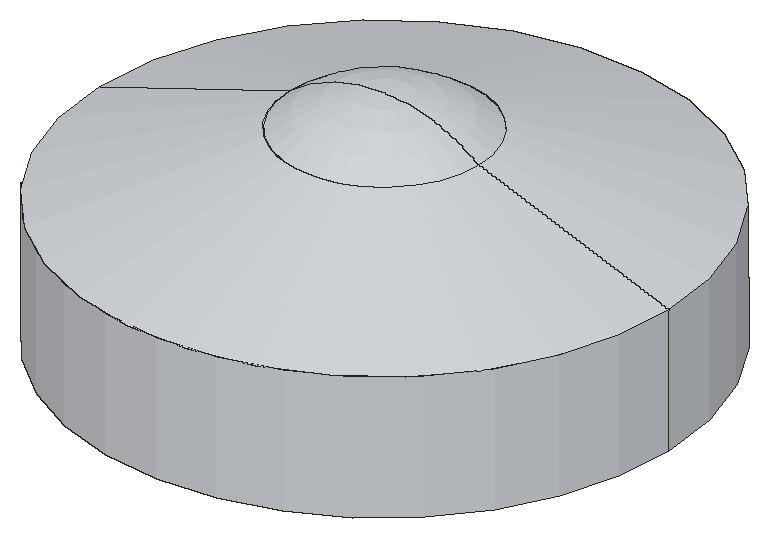
Revit family "0be69ab7681243fb88da20a7a38cfd77", category Lighting Devices, host Face, Revit 2021
Family settings
  Host = Face
  Maintain Annotation Orientation = Yes
  Round Connector Dimension = Use Diameter
  Part Type = Switch
  OmniClass Number = 23.85.80.11.27
  OmniClass Title = Lighting Controls
  Seek Item ID = Ceiling Daylighting Sensor - Regular Voltage-0000-USA-ENU
  Cut with Voids When Loaded = No
  Shared = No
  Room Calculation Point = No
Parameters (values of type "120 V")
  Sensor Voltage = 120 V
  Sensor Number of Poles = 1
  Load Classification = Other
  Lens Material = none
  Height 1 = Cover Height / 3  # 0' - 0 1/2"
  Default Elevation = 4' - 0"
  Cover Radius = Cover Diameter / 2  # 0' - 2 1/4"
  Cover Material = none
  Cover Height = 0' - 1 1/2"
  Cover Diameter = 0' - 4 1/2"
  Apparent Load = 0 VA
Types (3): name | Sensor Voltage
  (no name) | 120 V
  120 V | 120 V
  277 V | 277 V
Reference planes (in)
  plane 1 "Center (Front/Back)": y = 0
  plane 2: z = 0
  plane 3 "Center (Left/Right)": x = 0
  plane 4: z = 1.5
  plane 5: z = 1
  plane 6: x = -0.75
  plane 7: x = -2.25
  plane 8: z = 1.75
  plane 9: y = 2.25
  plane 10: y = -2.25
  plane 11: x = 2.25
Forms (in)
  Revolve 1, solid, material <- "Cover Material"
    sketch origin (0, 0, 0) x (1, 0, 0) y (0, 0, 1)
      loop
        line (-0.75, 1.5) -> (-2.25, 1) -> (-2.25, 0) -> (0, 0) -> (0, 1.5) -> (-0.75, 1.5)
      axis (0, 1.5) -> (0, 0)
    angle from 0 to 360
  Revolve 2, solid, material <- "Lens Material"
    sketch origin (0, 0, 0) x (1, 0, 0) y (0, 0, 1)
      loop
        line (-0.75, 1.5) -> (0, 1.5) -> (0, 1.75)
        arc (0, 1.75) -> (-0.39528, 1.68585) -> (-0.75, 1.5) r 1.25
      axis (0, 1.75) -> (0, 1.5)
    angle from 0 to 360
Lines and regions (in)
  symbolic lines, detail levels coarse+medium
    curve 1: line (0, 2.25, 0) -> (-2.25, 0, 0)
    curve 2: line (-2.25, 0, 0) -> (0, -2.25, 0)
    curve 3: line (0, -2.25, 0) -> (2.25, 0, 0)
    curve 4: line (2.25, 0, 0) -> (0, 2.25, 0)
  symbolic lines, detail levels fine
    curve 5: circle (0, 0, 0) r 2.25 normal (0, 0, 1)
    curve 6: circle (0, 0, 0) r 0.75 normal (0, 0, 1)
Dimensions and locks (in)
  "Cover Height": plane 4 to plane 2
  "Height 1": plane 4 to plane 5
  locked: plane 3 "Center (Left/Right)" to plane 6 at 0.75
  "Cover Radius": plane 3 "Center (Left/Right)" to plane 7
  locked: plane 8 to plane 4 at 0.25
  "Cover Radius": plane 9 to plane 1 "Center (Front/Back)"
  "Cover Radius": plane 10 to plane 1 "Center (Front/Back)"
  "Cover Radius": plane 3 "Center (Left/Right)" to plane 11
  "Cover Radius": radius of curve 5
  radius of curve 6 = 0' - 0 3/4"
  aligned and locked: plane 2 to host face
  aligned and locked: level to host face
  aligned and locked: plane 1 "Center (Front/Back)" to nested 1
  aligned and locked: plane 3 "Center (Left/Right)" to nested 1
  aligned and locked: plane 6 to Revolve 1 sketch curve
  aligned and locked: plane 3 "Center (Left/Right)" to Revolve 1 sketch curve  (x2)
  aligned and locked: Revolve 1 sketch curve to plane 4
  aligned and locked: plane 7 to Revolve 1 sketch curve
  aligned and locked: Revolve 1 sketch curve to plane 2
  aligned and locked: plane 5 to Revolve 1 sketch curve
  aligned and locked: Revolve 1 sketch curve to plane 7
  aligned and locked: Revolve 1 sketch curve to plane 3 "Center (Left/Right)"
  aligned and locked: plane 4 to Revolve 1 sketch curve
  aligned and locked: plane 2 to Revolve 1 sketch curve
  aligned and locked: plane 8 to Revolve 2 sketch curve
  aligned and locked: plane 4 to Revolve 2 sketch curve
  aligned and locked: Revolve 2 sketch curve to plane 3 "Center (Left/Right)"  (x2)
  aligned and locked: plane 6 to Revolve 2 sketch curve
  aligned and locked: plane 3 "Center (Left/Right)" to Revolve 2 sketch curve
  aligned and locked: Revolve 2 sketch curve to plane 4
  aligned and locked: plane 3 "Center (Left/Right)" to curve 1
  aligned and locked: plane 1 "Center (Front/Back)" to curve 2
  aligned and locked: plane 3 "Center (Left/Right)" to curve 3
  aligned and locked: plane 1 "Center (Front/Back)" to curve 4
  aligned and locked: plane 11 to curve 4
  aligned and locked: plane 1 "Center (Front/Back)" to curve 5
  aligned and locked: plane 3 "Center (Left/Right)" to curve 5
  aligned and locked: plane 1 "Center (Front/Back)" to curve 6
  aligned and locked: plane 3 "Center (Left/Right)" to curve 6
Automatic sketch dimensions
  host sketch curve to host sketch curve = 8' - 0"  (x2)
  Revolve 1 sketch curve to Revolve 1 sketch curve = 0' - 1.2087"
  Revolve 1 sketch curve to Revolve 1 sketch curve = 0' - 0 1/2"
  plane 8 to Revolve 2 sketch curve = 0' - 0.51605"
  Revolve 2 sketch curve to Revolve 2 sketch curve = 0' - 0.16051"
Nested families (in)
  nested 1: "Label Annotation 3-32" at (0, 0, 0), type "Label Annotation 3-32", detail levels coarse+medium
Connectors (in)
  electrical at (0, 0, 0), driven by "Apparent Load", driven by "Sensor Voltage", driven by "Sensor Number of Poles", driven by "Load Classification"
    settings: on Revolve 1, index 1, voltage 120 V, apparent load 0 VA, apparent load phase1 0 VA, apparent load phase2 0 VA, apparent load phase3 0 VA, power factor 1, load classification "Other", number of poles 1, system type 31, power factor state 1, is connector primary yes, connector utility no, sub classification motor no, connector description ""
  electrical at (0, 0, 1.5)
    settings: on Revolve 1, index 2, voltage 0 V, apparent load 0 VA, apparent load phase1 0 VA, apparent load phase2 0 VA, apparent load phase3 0 VA, power factor 1, load classification "Other", number of poles 1, system type 13, power factor state 1, is connector primary no, connector utility no, sub classification motor no, connector description ""
Definition of nested family "Label Annotation 3-32"
  Parameters
    Label = ""
  Reference planes (in)
    plane 1: y = 0
    plane 2: x = 0
  Text (in)
    label "Label" at (0.00375, -0.00345, 0), shows "Label"
